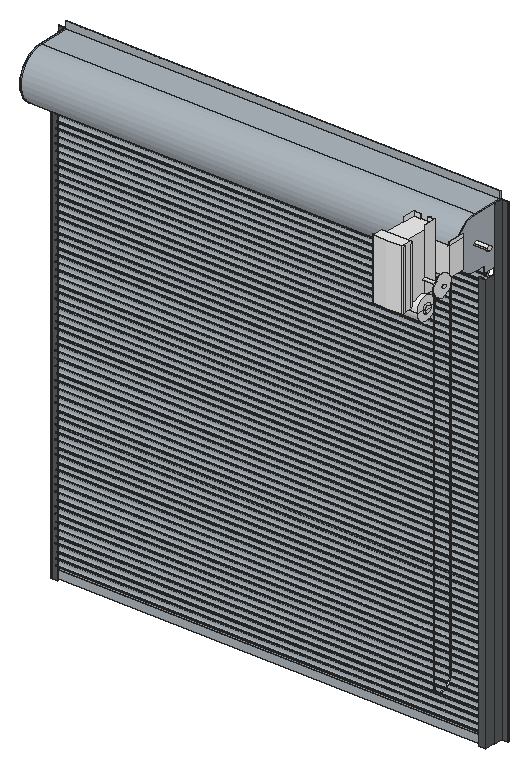
Revit family "Doors_Industrial_Wayne-Dalton_Rolling-Service-Doors-Model-900_", category Specialty Equipment, host Wall, Revit 2019
Family settings
  Host = Wall
  Round Connector Dimension = Use Diameter
  Part Type = Normal
  OmniClass Number = 23.30.10.21.34
  OmniClass Title = Industrial Doors
  Always vertical = Yes
  Cut with Voids When Loaded = Yes
  Shared = No
  Room Calculation Point = No
Parameters (values of type "115 volts, one phase, 60 Hz (110-120V range)")
  X Motor [instance] = if(or(Opening Height < 104", Opening Height = 104"), 14 1/2", if(or(Opening Height < 169", Opening Height = 169"), 16 1/2", 18 1/2"))  # 16 1/2"
  X ChainH [instance] = if(or(Opening Height < 104", Opening Height = 104"), 14 1/2", if(or(Opening Height < 169", Opening Height = 169"), 16 1/2", 18 1/2"))  # 16 1/2"
  Warning Sign [instance] = if(Calculated Area > 683.00 SF, 1 = 1, 1 = 2)  # no
  Warning (Note) [instance] = if(Warning Sign, "The Door Area is out of the limit; please adjust accordingly. The maximum allowed area is 683 sq. ft.", " ")  # " "
  Wall Thickness [instance] = 6"
  Voltage = 115 V
  True Opening Width [instance] = if(Between Jambs Mounting, Door Width True, Clear Width)  # 120"
  True Opening Height [instance] = if(Between Jambs Mounting, Clear Height + Headroom Height, Clear Height)  # 120"
  Slat Type [instance] = if(Slat Option < 2, "№2", if(Slat Option = 2, "№17", "№17 - Secur-Vent"))  # "№2"
  Slat Option [instance] = 1
  Slat Length [instance] = Clear Width + G Value * 2 - 1" / 2 * 2  # 123 5/8"
  Slat Height [instance] = if(Slat < 2, 13 77/256", 11 51/256")  # 13 77/256"
  Slat [instance] = if(Slat Option < 2, 1, if(Slat Option = 2, 2, if(Slat Option = 3, 3, 4)))  # 1
  Side Room Right [instance] = if(Between Jambs Mounting, 4 1/4", 8")  # 8"
  Side Room Left [instance] = if(Between Jambs Mounting, 4 1/4", 6")  # 6"
  Product Page URL = "https://www.wayne-dalton.com/rolling-service-door-900"
  Power Factor = 1
  Powder Coat (Note) = "Wayne Dalton also offers approximately 200 RAL powder coat options to complement the exterior colors of a building."  # constant formula
  Operator Visibility = yes
  Operation (Note) [instance] = "Door could operate by manual push, crank, electrical operator or chain hoist. Manual push up and crank could be used up to 80 sf, for larger door sizes you have to use Chain Hoist operator."  # constant formula
  Opening Width Real [instance] = if(Opening Width > Max Opening Width, Max Opening Width, if(Opening Width < Min Opening Width, Min Opening Width, Opening Width))  # 120"
  Opening Width [instance] = 120"
  Opening Height Real [instance] = if(Opening Height > Max Opening Height, Max Opening Height, if(Opening Height < Min Opening Height, Min Opening Height, Opening Height))  # 120"
  Opening Height [instance] = 120"
  One Array element [instance] = not(Array Vis)  # no
  Number of Poles = 1
  Motor Type [instance] = if(Between Jambs Mounting, "GSL Front of Hood", if(Motor Option < 2, "GSL Front of Hood", "GSL Wall Mount"))  # "GSL Front of Hood"
  Motor Selection (Note) [instance] = "Generic operator shown. Contact Wayne Dalton when dimensions are critical. "  # constant formula
  Motor Position [instance] = if(not(Chain Hoist or Manual), if(Motor Option Real = 1, G Value, 3 177/256"), if(Between Jambs Mounting, 1 87/128", 3 67/256" + 2 171/256"))  # 2 5/16"
  Motor Option Real [instance] = if(Between Jambs Mounting, 1, if(Motor Option < 2, 1, 3))  # 1
  Motor Option [instance] = 1
  Min Opening Width [instance] = if(Between Jambs Mounting, 18" + Side Room Right + Side Room Left, 18")  # 18"
  Min Opening Height [instance] = if(Between Jambs Mounting, 24" + Headroom Height, 24")  # 24"
  Max Opening Width [instance] = 168"  # constant formula
  Max Opening Height [instance] = 168"  # constant formula
  Material Finish [instance] = 900 : Standard - Gray
  M Value [instance] = G Value + 1/2"  # 2 13/16"
  Jambs Offset L [instance] = if(Between Jambs Mounting, Side Room Left, 0")  # 0"
  Jambs Offset R [instance] = if(Between Jambs Mounting, Side Room Right, 0")  # 0"
  Installation Real [instance] = if(Between Jambs Mounting, if((Wall Thickness / 2 - Guid Depth / 2) < 0", 0", Wall Thickness / 2 - Guid Depth / 2), Wall Thickness)  # 6"
  Hood Type [instance] = "Round Hood"  # constant formula
  Hood Offset [instance] = 2"  # constant formula
  Hood Material [instance] = Metal - Wayne Dalton - Gray
  Hood Height [instance] = if(Chain Hoist or Manual, Y ChainH - 2", Y Motor - 2")  # 14 1/2"
  Y Motor [instance] = if(or(Opening Height < 104", Opening Height = 104"), 14 1/2", if(or(Opening Height < 169", Opening Height = 169"), 16 1/2", 18 1/2"))  # 16 1/2"
  Y ChainH [instance] = if(or(Opening Height < 104", Opening Height = 104"), 14 1/2", if(or(Opening Height < 169", Opening Height = 169"), 16 1/2", 18 1/2"))  # 16 1/2"
  Headroom Height Lift [instance] = if(Chain Hoist or Manual, Y ChainH, Y Motor) + Hood Offset  # 18 1/2"
  Headroom Height [instance] = if(Between Jambs Mounting, Headroom Height Lift, Headroom Height Lift + 2")  # 20 1/2"
  Guide Type [instance] = if(Between Jambs Mounting, "Angled Between Jambs Z Guide", "Angled Z Guide")  # "Angled Z Guide"
  Guide Option [instance] = if(Between Jambs Mounting, 1, 2)  # 2
  Guid Depth [instance] = if(Between Jambs Mounting, D Value + 1/4", D Value)  # 5 1/2"
  G Value [instance] = 2 5/16"  # constant formula
  Frequency = 60 Hz
  Face of Wall Offset [instance] = if(Between Jambs Mounting, 0", 5")  # 5"
  Face Of Wall Mounting [instance] = not(Between Jambs Mounting)  # yes
  Door Width True [instance] = if(Between Jambs Mounting, Clear Width + Side Room Right + Side Room Left, Clear Width + M Value * 2)  # 125 5/8"
  Door Width (Real) [instance] = if(Between Jambs Mounting, Clear Width, Clear Width + 1" / 2)  # 120 1/2"
  Door Height True [instance] = Clear Width + Headroom Height  # 140 1/2"
  Door Height (Real) [instance] = Clear Height + Hood Offset  # 122"
  URL = "https://www.wayne-dalton.com/"
  Product data url = "https://www.bimobject.com/wayne-dalton/product/rolling-service-doors-model-900"
  Product Guid = "c1532cfe-896c-442b-af86-9616188973c4"
  Model = "900"  # constant formula
  Manufacturer = "Wayne Dalton"  # constant formula
  Wall Closure = By host
  Floor To (CL) of Shaft [instance] = Clear Height + Hood Offset + 2" + Hood Height / 2  # 131 1/4"
  Finish Material = Finish - Wayne Dalton - Black
  Description = "Model 900 Rolling Service Door"  # constant formula
  D Value Clearance [instance] = if(Between Jambs Mounting, D Value + 1/4", D Value)  # 5 1/2"
  D Value [instance] = 5 1/2"  # constant formula
  Clearance [instance] = no
  Clear Width [instance] = if(Between Jambs Mounting, Opening Width Real - Side Room Right - Side Room Left, Opening Width Real)  # 120"
  Clear Height [instance] = if(Between Jambs Mounting, Opening Height Real - Headroom Height, Opening Height Real)  # 120"
  Chain Hoist or Manual = no
  Current = 20 A
  Connector Array Distance = 0"  # constant formula
  Connector Array = if(Chain Hoist or Manual, 2, 3)  # 3
  Between Jambs Mounting [instance] = no
  Bar [instance] = if(Face Of Wall Mounting, 1 = 1, 1 = 2)  # yes
  Backroom Depth [instance] = if(Chain Hoist or Manual, X ChainH, X Motor)  # 16 1/2"
  BJ Opening Cut [instance] = if(Between Jambs Mounting, Headroom Height, 0")  # 0"
  Array Vis [instance] = if(Array < 2, 1 = 2, 1 = 1)  # yes
  Array Real [instance] = if(Array < 2, 2, Array)  # 9
  Array Length [instance] = (Array) * Slat Height  # 119 181/256"
  Array [instance] = rounddown(([Door Height (Real)] - 3") / Slat Height) + 1  # 9
  Calculated Area [instance] = [Door Width (Real)] * [Door Height (Real)]  # 102.09 SF
  Apparent Load Phase 3 = if(Number of Poles = 1, 0 VA, (Voltage * Current * sqrt(3)) / 3)  # 0 VA
  Apparent Load Phase 2 = if(Number of Poles = 1, 0 VA, (Voltage * Current * sqrt(3)) / 3)  # 0 VA
  Apparent Load Phase 1 = if(Number of Poles = 1, Voltage * Current, (Voltage * Current * sqrt(3)) / 3)  # 2300 VA
Reference planes (in)
  plane 1 "Center (Front/Back)": y = -14.625
  plane 2 "Center (Left/Right)": x = 0
  plane 3 "Left": x = -60
  plane 4 "Right": x = 60
  plane 5 "Exterior": y = -8.625
  plane 6 "Interior": y = -14.625
  plane 7: x = 68
  plane 8: x = -66
  plane 9: z = 120
  plane 10 "Main": y = -19.48437
  plane 11 "Backroom Depth": y = -31.125
  plane 12 "Main Door Block": y = -14.625
  plane 13 "Bottom Bar": z = 2.75
  plane 14: y = -20.125
  plane 15: z = 122.45703
  plane 16: z = 138.5
  plane 17: z = 122
  plane 18: z = 140.5
  plane 19: z = 0
  plane 20: z = 60
  plane 21: y = -19.25
  plane 22 "Double Main": y = -18.906
  plane 23 "Headroom Top": z = 140.5
  plane 24: z = 131.25
  plane 25: x = 62.3125
  plane 26: x = -62.3125
  plane 27: z = 109.15625
  plane 28: z = 124
  plane 29: x = 62.3125
  plane 30: x = -66
  plane 31: x = 68
  plane 32: z = 2.75
  plane 33: y = -19.25
  plane 34: z = 109.15625
  plane 35: y = -19.25
  plane 36: z = 16.05078
  plane 37: y = -19.25
  plane 38: z = 29.35156
  plane 39: y = -19.25
  plane 40: z = 42.65234
  plane 41: y = -19.25
  plane 42: z = 55.95313
  plane 43: y = -19.25
  plane 44: z = 69.25391
  plane 45: y = -19.25
  plane 46: z = 82.55469
  plane 47: y = -19.25
  plane 48: z = 95.85547
  plane 49: y = -19.25
Forms (in)
  Extrusion 1, void
    sketch origin (0, -14.625, 0) x (0, 0, -1) y (-1, 0, 0)
      loop
        line (-120, 60) -> (-120, -60) -> (0, -60) -> (0, 60) -> (-120, 60)
    from 0 to 6
  Extrusion 2, solid, material "Metal - Wayne Dalton - Gray" <- "Hood Material", visible <- "Bar"
    sketch origin (0, 0, 0) x (0, 1, 0) y (0, 0, 1)
      loop
        line (-14.875, 138.5) -> (-14.625, 138.5) -> (-14.625, 140.5) -> (-14.875, 140.5) -> (-14.875, 138.5)
    from -62.0625 to 62.0625
  Extrusion 3, solid, material "Clearance - Wayne Dalton - Red", visible <- "Clearance"
    sketch origin (0, 0, 0) x (1, 0, 0) y (0, 1, 0)
      loop
        line (68, -14.625) -> (60, -14.625) -> (60, -20.125) -> (68, -20.125) -> (68, -14.625)
      loop
        line (-60, -14.625) -> (-66, -14.625) -> (-66, -20.125) -> (-60, -20.125) -> (-60, -14.625)
    from 0 to 122
Lines and regions (in)
  symbolic lines, visible <- "Bar"
    curve 1: line (62.0625, -14.625, 0) -> (-62.0625, -14.625, 0)
    curve 2: line (-62.0625, -14.875, 0) -> (62.0625, -14.875, 0)
Text (in)
  text "Exterior" at (-74.96733, 27.31104, 0), in view "Ref. Level"
  text "Interior" at (-74.96733, -25.14366, 0), in view "Ref. Level"
  text "Exterior" at (0, 40.15149, 123.01588), in view "Right"
  text "Interior" at (0, -64.39139, 123.01588), in view "Right"
  text "Interior" at (0, -31.01599, 123.00693), in view "Left"
  text "Exterior" at (0, 54.57065, 123.00693), in view "Left"
Dimensions and locks (in)
  equal spacing: plane 3 "Left", plane 2 "Center (Left/Right)", plane 4 "Right"
  "Clear Width": plane 3 "Left" to plane 4 "Right"
  level to host wall = 459.59655"
  "Clear Height": level to plane 9
  plane 7 to plane 8 = 134"
  locked: plane 13 "Bottom Bar" to level at 2.75
  locked: plane 14 to plane 10 "Main" at 0.64063
  "Array Length": plane 15 to plane 13 "Bottom Bar"
  "Backroom Depth": plane 11 "Backroom Depth" to plane 12 "Main Door Block"
  locked: plane 18 to plane 16 at 2
  locked: Extrusion 2 sketch curve to Extrusion 2 sketch curve at 0.25
  "Installation Real": plane 1 "Center (Front/Back)" to plane 5 "Exterior"
  "Wall Thickness": host wall to host wall
  equal spacing: plane 9, plane 20, plane 19
  locked: plane 10 "Main" to plane 21 at 0.23437
  locked: plane 10 "Main" to plane 22 "Double Main" at 0.57837
  "BJ Opening Cut": Extrusion 1 sketch curve to plane 9
  locked: Extrusion 2 sketch curve to Extrusion 2 sketch curve at 2
  "Hood Offset": plane 17 to plane 9
  "Headroom Height": plane 23 "Headroom Top" to plane 9
  "Floor To (CL) of Shaft": plane 24 to level
  "Jambs Offset R": plane 4 "Right" to Extrusion 1 sketch curve
  "Jambs Offset L": Extrusion 1 sketch curve to plane 3 "Left"
  "G Value": plane 25 to plane 4 "Right"
  "G Value": plane 3 "Left" to plane 26
  "Guid Depth": plane 14 to plane 1 "Center (Front/Back)"
  "Slat Height": plane 15 to plane 27
  equal spacing: group 1, group 3, group 4, group 5, group 6, group 7, group 8, group 9, group 2  (x3)
  "Side Room Right": plane 4 "Right" to plane 7
  "Side Room Left": plane 8 to plane 3 "Left"
  locked: plane 25 to Extrusion 2 at 0.25
  locked: plane 26 to Extrusion 2 at 0.25
  locked: plane 28 to plane 17 at 2
  "Hood Height": plane 16 to plane 28
  "Motor Position": plane 4 "Right" to plane 29
  "Side Room Left": plane 30 to plane 3 "Left"
  "Side Room Right": plane 4 "Right" to plane 31
  "D Value Clearance": Extrusion 3 sketch curve to Extrusion 3 sketch curve
  aligned and locked: plane 5 "Exterior" to host wall
  aligned and locked: host wall to plane 6 "Interior"
  aligned and locked: level to Extrusion 1 sketch curve
  aligned and locked: Extrusion 1 to plane 5 "Exterior"
  aligned and locked: plane 6 "Interior" to Extrusion 1
  aligned and locked: plane 16 to nested 1
  aligned and locked: Extrusion 2 sketch curve to plane 18
  aligned and locked: plane 6 "Interior" to Extrusion 2 sketch curve
  aligned and locked: curve 1 to Extrusion 2  (x2)
  aligned and locked: curve 2 to Extrusion 2  (x2)
  aligned and locked: Extrusion 2 to curve 2
  aligned and locked: plane 5 "Exterior" to nested 1
  aligned and locked: level to plane 19
  aligned and locked: plane 2 "Center (Left/Right)" to nested 2
  aligned and locked: nested 3 to plane 2 "Center (Left/Right)"
  aligned and locked: nested 4 to plane 20
  aligned and locked: plane 2 "Center (Left/Right)" to nested 4
  aligned and locked: plane 13 "Bottom Bar" to nested 6
  aligned and locked: plane 21 to nested 6
  aligned and locked: nested 4 to plane 21
  aligned and locked: plane 19 to nested 13
  aligned and locked: nested 13 to plane 2 "Center (Left/Right)"
  aligned and locked: nested 13 to plane 1 "Center (Front/Back)"
  aligned and locked: nested 1 to plane 29
  aligned and locked: Extrusion 3 sketch curve to plane 1 "Center (Front/Back)"  (x2)
  aligned and locked: Extrusion 3 sketch curve to plane 31
  aligned and locked: Extrusion 3 sketch curve to plane 4 "Right"
  aligned and locked: Extrusion 3 sketch curve to plane 30
  aligned and locked: Extrusion 3 sketch curve to plane 3 "Left"
  aligned and locked: Extrusion 3 sketch curve to Extrusion 3 sketch curve
  aligned and locked: Extrusion 3 to level
  aligned and locked: plane 17 to Extrusion 3
  aligned and locked: plane 13 "Bottom Bar" to plane 32
  aligned and locked: plane 21 to plane 33
  aligned and locked: plane 27 to plane 34
  aligned and locked: plane 35 to plane 21
  aligned and locked: plane 12 "Main Door Block" to plane 1 "Center (Front/Back)"
Automatic sketch dimensions
  plane 25 to curve 1 = 1/4"
Nested families (in)
  nested 1: "Motor" at (55.433, -38.705, 120.18), visible <- "Operator Visibility", type "Trolley Motor"
    with Vertical Mount 18.32", Hood Width Real 16 1/2", Hood Width 16 1/2", Hood Height 14 1/2", Floor To Cl Shaft 131 1/4"
  nested 2: "Label Annotation 1" at (0, 18.375, 0), visible <- "Warning Sign", type "Label Annotation 1"
  nested 3: "Label Annotation 1" at (0, -41.625, 0) x (-1, 0, 0) z (0, 0, 1), visible <- "Warning Sign", type "Label Annotation 1"
  nested 4: "Warning Sign" at (0, -19.25, 60), visible <- "Warning Sign", type "Warning Sign"
    with Warning Sign no
  nested 5: "900" at (0, -19.25, 2.75), Slat Option <- "Slat Option", Opening Width <- "Slat Length", type <- "Material Finish", visible <- "Array Vis", type "Standard - Gray"
    with Void Offset 1", Void Height 3/4", Slat Width 1/2", Slat Position + Offset 13.895", Slat Position 13.3", Slat Option 1, Secure-Vent no, Profile #17 no, Perforation no, Opening Width 123 5/8", Integrated Cutout no, Fenestration no, Cutout Width Offset 1", Cutout Vertical Offset 0.595", #2 yes, # 17 no
  nested 6: "900" at (0, -19.25, 2.75), visible <- "One Array element", Slat Option <- "Slat Option", Opening Width <- "Slat Length", type <- "Material Finish", type "Standard - Gray"
    with Void Offset 1", Void Height 3/4", Slat Width 1/2", Slat Position + Offset 13.895", Slat Position 13.3", Slat Option 1, Secure-Vent no, Profile #17 no, Perforation no, Opening Width 123 5/8", Integrated Cutout no, Fenestration no, Cutout Width Offset 1", Cutout Vertical Offset 0.595", #2 yes, # 17 no
  nested 7: "900" at (0, -19.25, 109.15625), Slat Option <- "Slat Option", Opening Width <- "Slat Length", type <- "Material Finish", visible <- "Array Vis", type "Standard - Gray"
    with Void Offset 1", Void Height 3/4", Slat Width 1/2", Slat Position + Offset 13.895", Slat Position 13.3", Slat Option 1, Secure-Vent no, Profile #17 no, Perforation no, Opening Width 123 5/8", Integrated Cutout no, Fenestration no, Cutout Width Offset 1", Cutout Vertical Offset 0.595", #2 yes, # 17 no
  nested 8: "900" at (0, -19.25, 16.05078), Slat Option <- "Slat Option", Opening Width <- "Slat Length", type <- "Material Finish", visible <- "Array Vis", type "Standard - Gray"
    with Void Offset 1", Void Height 3/4", Slat Width 1/2", Slat Position + Offset 13.895", Slat Position 13.3", Slat Option 1, Secure-Vent no, Profile #17 no, Perforation no, Opening Width 123 5/8", Integrated Cutout no, Fenestration no, Cutout Width Offset 1", Cutout Vertical Offset 0.595", #2 yes, # 17 no
  nested 9: "900" at (0, -19.25, 29.35156), Slat Option <- "Slat Option", Opening Width <- "Slat Length", type <- "Material Finish", visible <- "Array Vis", type "Standard - Gray"
    with Void Offset 1", Void Height 3/4", Slat Width 1/2", Slat Position + Offset 13.895", Slat Position 13.3", Slat Option 1, Secure-Vent no, Profile #17 no, Perforation no, Opening Width 123 5/8", Integrated Cutout no, Fenestration no, Cutout Width Offset 1", Cutout Vertical Offset 0.595", #2 yes, # 17 no
  nested 10: "900" at (0, -19.25, 42.65234), Slat Option <- "Slat Option", Opening Width <- "Slat Length", type <- "Material Finish", visible <- "Array Vis", type "Standard - Gray"
    with Void Offset 1", Void Height 3/4", Slat Width 1/2", Slat Position + Offset 13.895", Slat Position 13.3", Slat Option 1, Secure-Vent no, Profile #17 no, Perforation no, Opening Width 123 5/8", Integrated Cutout no, Fenestration no, Cutout Width Offset 1", Cutout Vertical Offset 0.595", #2 yes, # 17 no
  nested 11: "900" at (0, -19.25, 55.95312), Slat Option <- "Slat Option", Opening Width <- "Slat Length", type <- "Material Finish", visible <- "Array Vis", type "Standard - Gray"
    with Void Offset 1", Void Height 3/4", Slat Width 1/2", Slat Position + Offset 13.895", Slat Position 13.3", Slat Option 1, Secure-Vent no, Profile #17 no, Perforation no, Opening Width 123 5/8", Integrated Cutout no, Fenestration no, Cutout Width Offset 1", Cutout Vertical Offset 0.595", #2 yes, # 17 no
  nested 12: "900" at (0, -19.25, 69.25391), Slat Option <- "Slat Option", Opening Width <- "Slat Length", type <- "Material Finish", visible <- "Array Vis", type "Standard - Gray"
    with Void Offset 1", Void Height 3/4", Slat Width 1/2", Slat Position + Offset 13.895", Slat Position 13.3", Slat Option 1, Secure-Vent no, Profile #17 no, Perforation no, Opening Width 123 5/8", Integrated Cutout no, Fenestration no, Cutout Width Offset 1", Cutout Vertical Offset 0.595", #2 yes, # 17 no
  nested 13: "Lifts" at (0, -14.625, 0) x (-1, 0, 0) z (0, 0, 1), type "Frame Unit"
    with Round Hood yes, No Hood no, Side Clearance R 8", Side Clearance L 6", M Value 2 13/16", Hood Height 16 1/2", Headroom Height Real 18 1/2", Half Hood Height 16 1/2", Guide Z Wide R 2 1/16", Guide Z Wide L 2 1/16", Guide Offset R 2 5/16", Guide Offset L 2 5/16", G Value 2 5/16", Shaft Offset 7 1/4", Shaft Length 2 6 5/16", Shaft Length 1 6 5/16", Radius Hood 7 1/4", Headroom Height 18 1/2", Header Width 16 1/2", Floor To (CL) of Shaft 131 1/4"
  nested 14: "900" at (0, -19.25, 82.55469), Slat Option <- "Slat Option", Opening Width <- "Slat Length", type <- "Material Finish", visible <- "Array Vis", type "Standard - Gray"
    with Void Offset 1", Void Height 3/4", Slat Width 1/2", Slat Position + Offset 13.895", Slat Position 13.3", Slat Option 1, Secure-Vent no, Profile #17 no, Perforation no, Opening Width 123 5/8", Integrated Cutout no, Fenestration no, Cutout Width Offset 1", Cutout Vertical Offset 0.595", #2 yes, # 17 no
  nested 15: "900" at (0, -19.25, 95.85547), Slat Option <- "Slat Option", Opening Width <- "Slat Length", type <- "Material Finish", visible <- "Array Vis", type "Standard - Gray"
    with Void Offset 1", Void Height 3/4", Slat Width 1/2", Slat Position + Offset 13.895", Slat Position 13.3", Slat Option 1, Secure-Vent no, Profile #17 no, Perforation no, Opening Width 123 5/8", Integrated Cutout no, Fenestration no, Cutout Width Offset 1", Cutout Vertical Offset 0.595", #2 yes, # 17 no
Connectors (in)
  electrical at (58.421, -38.51377, 130.7498), driven by "Apparent Load Phase 1", driven by "Power Factor", driven by "Voltage", driven by "Apparent Load Phase 2", driven by "Apparent Load Phase 3", driven by "Number of Poles"
    settings: on nested 1, index 1, voltage 115 V, apparent load 0 VA, apparent load phase1 2300 VA, apparent load phase2 0 VA, apparent load phase3 0 VA, power factor 1, load classification "Other", number of poles 1, system type 31, power factor state 1, is connector primary yes, connector utility no, sub classification motor no, connector description "Electrical Connector"
Definition of nested family "Motor"
  Parameters (values of type "Trolley Motor")
    Wall Mount RSX = if(Chain Hoist, 1 = 2, if(Motor Option = 3, 1 = 1, 1 = 2))  # no
    Top Mount RSX = if(Chain Hoist, 1 = 2, if(Motor Option = 2, 1 = 1, 1 = 2))  # no
    Shaft Material = none
    Real Exterior Wall Offset = if(Wall Mount RSX, Displacement, Exterior Wall Offset + if(and(BJ, Bench Mount RSX, Hood Width < 19 1/2"), 2.6", 0"))  # 6"
    Not Chain Hoist = not(Chain Hoist)  # yes
    Not Bench + Top = not(or(Top Mount RSX, Chain Hoist, Bench Mount RSX))  # yes
    Horizontal Mount = if(Face Mount RSX, 5.08" + 0.12" + 2.38", if(Top Mount RSX, 11.19", if(Wall Mount RSX, 5.08", if(Bench Mount RSX, 4.77" + if(or(Hood Width < 14", Hood Width = 14"), 6.13", if(or(Hood Width < 16", Hood Width = 16"), 4.13", 3 1/4")), 0"))))  # 7.58"
    Not Fire King = if(Chain Hoist, 1 = 2, not(Chain Hoist))  # yes
    Vertical Mount = if(Face Mount RSX, 11.07" + Hood Height / 2, if(Top Mount RSX, 14.92" - 0.13" - 2.38", if(Wall Mount RSX, 20.03" + 6" + Hood Height / 2, if(Bench Mount RSX, 20" + 2.29" + Hood Height / 2, Hood Height))))  # 21.07"
    Motor Type = if(Motor Option < 2, "RSX FDO Face Mount", if(Motor Option = 2, "RSX FDO Top Mount", if(Motor Option = 3, "RSX Wall Mount", if(Motor Option = 4, "RSX Bench Mount", "Chain Hoist"))))  # "RSX FDO Face Mount"
    Motor Option = 1
    Main Material = none
    Hood Width Real = if(Wall Mount RSX, 0", if(Chain Hoist, if(Hood Height < Hood Width, (Hood Width + (Hood Width - Hood Height)) / 2, Hood Width / 2), Hood Width))  # 22"
    Hood Width = 22"
    Hood Height = 20"
    Hood Mount = if(or(Face Mount RSX, Top Mount RSX), 0.37", if(Wall Mount RSX, if(BJ, 12.24" + BJ Displacement, 14.74"), if(Bench Mount RSX, 14.49", 4.26")))  # 0.37"
    Floor To Cl Shaft = 134"
    Fire King RHX = 1 = 2  # no
    Top Option Offset = if(or(Top Mount RSX, Bench Mount RSX), 20", 0")  # 0"
    Face+Top = if(Chain Hoist, 1 = 2, if(or(Face Mount RSX, Top Mount RSX), 1 = 1, 1 = 2))  # yes
    Face Mount RSX = if(Chain Hoist, 1 = 2, if(Motor Option < 2, 1 = 1, 1 = 2))  # yes
    Top + Bench = if(Chain Hoist, 1 = 2, if(or(Top Mount RSX, Bench Mount RSX), 1 = 1, 1 = 2))  # no
    Face + Top + Bench = if(Chain Hoist, 1 = 2, if(or(Face Mount RSX, Top Mount RSX, Bench Mount RSX), 1 = 1, 1 = 2))  # yes
    Exterior Wall Offset = 6"
    Displacement = 6"
    Default Elevation = 48"
    Chain V Offset = if(or(Face Mount RSX, Wall Mount RSX), 6.53", if(or(Top Mount RSX, Bench Mount RSX), 18.81", Hood Height / 2))  # 6.53"
    Chain H Offset = if(or(Face Mount RSX, Wall Mount RSX), 1.19", if(or(Top Mount RSX, Bench Mount RSX), 6.53", 0"))  # 1.19"
    Chain Hoist = no
    Bench Mount RSX = if(Chain Hoist, 1 = 2, if(Motor Option > 3, 1 = 1, 1 = 2))  # no
    BJ Displacement = 3"
    BJ = no
    Angle = if(or(Bench Mount RSX, Top Mount RSX), 90.00°, 180.00°)  # 180.00°
  Reference planes (in)
    plane 1 "Center (Front/Back)": y = 0
    plane 2: z = 0
    plane 3 "Center (Left/Right)": x = 0
    plane 4: y = 0
    plane 5: y = 1.19
    plane 6: z = -127.47
    plane 7: z = -97.47
    plane 8: z = 6.53
    plane 9 "Chain Hoist": z = 6.53
    plane 10 "Top Of Hood": z = 21.07
    plane 11: y = 7.58
    plane 12: z = 0
    plane 13 "Hood Face": x = 6.8795
    plane 14: x = 7.2495
    plane 15: y = 29.58
    plane 16 "Wall": y = 35.58
  Forms (in)
    Extrusion 1, solid, material <- "Main Material", visible <- "Not Chain Hoist"
      sketch origin (0, 0, 18.8898) x (1, 0, 0) y (0, 1, 0)
        loop
          line (-4.134, -4.81907) -> (4.116, -4.81907) -> (4.116, -4.69947) -> (3.108, -4.69947)
          arc (3.108, -4.69947) -> (3.02315, -4.66432) -> (2.988, -4.57947) r 0.12
          line (2.988, -4.57947) -> (2.988, 4.96193) -> (-2.988, 4.96193) -> (-2.988, -4.57947)
          arc (-2.988, -4.57947) -> (-3.02315, -4.66432) -> (-3.108, -4.69947) r 0.12
          line (-3.108, -4.69947) -> (-4.134, -4.69947) -> (-4.134, -4.81907)
      from -16.64 to 0
    Extrusion 2, solid, material <- "Main Material", visible <- "Not Chain Hoist"
      sketch origin (0, -2.406, 18.8898) x (1, 0, 0) y (0, 1, 0)
        loop
          line (-4.134, -2.41307) -> (-4.134, -5.05565) -> (-4.3324, -5.05565) -> (-4.3324, -5.3122)
          arc (-4.3324, -5.3122) -> (-4.24466, -5.55085) -> (-4.02324, -5.67585) r 0.36846
          arc (-4.02324, -5.67585) -> (0, -6.0017) -> (4.02324, -5.67585) r 25
          arc (4.02324, -5.67585) -> (4.24466, -5.55085) -> (4.3324, -5.3122) r 0.36846
          line (4.3324, -5.3122) -> (4.3324, -5.05565) -> (4.116, -5.05565) -> (4.116, -2.41307) -> (-4.134, -2.41307)
      from -17 to 0.35839
    Revolve 3, solid, material <- "Main Material", visible <- "Not Fire King"
      sketch origin (2.0828, 5.66524, 0) x (0, -1, 0) y (1, 0, 0)
        loop
          line (5.66524, -9.0813) -> (5.66524, 3.1162) -> (4.82413, 3.1162) -> (4.82413, 2.7162) -> (4.39283, 2.7162) -> (4.39283, 2.4872) -> (2.50257, 2.4872) -> (2.50257, -6.6585) -> (3.79863, -6.6585) -> (3.79863, -7.51105) -> (3.89778, -7.6102) -> (5.36033, -7.6102) -> (5.36033, -7.8313) -> (4.69783, -7.8313) -> (4.69783, -9.0813) -> (5.66524, -9.0813)
        axis (5.66524, -9.0813) -> (5.66524, 3.1162)
      angle from 0 to 360
    Extrusion 4, solid, material <- "Main Material", visible <- "Wall Mount RSX"
      sketch origin (0, 0, 18.8898) x (1, 0, 0) y (0, 1, 0)
        loop
          line (-2.988, 5.08193) -> (-4.988, 5.08193) -> (-4.988, 4.96193) -> (-3.108, 4.96193) -> (-3.108, 1.46193) -> (-2.988, 1.46193) -> (-2.988, 5.08193)
        loop
          line (2.988, 5.08193) -> (2.988, 1.46193) -> (3.108, 1.46193) -> (3.108, 4.96193) -> (4.988, 4.96193) -> (4.988, 5.08193) -> (2.988, 5.08193)
      from -16.64 to 1.14
    Extrusion 5, solid, material <- "Main Material"
      sketch origin (0, 0.00141, 3.59957) x (0, 0, 1) y (0, -1, 0)
        loop
          circle (2.93043, -1.18859) r 3
      from 8.2495 to 7.98
    Sweep 6, solid, material <- "Main Material"
      path origin (8.11913, 9.53, 48) x (0, 1, 0) y (0, 0, 1)
        loop
          line (-11.34, -41.47) -> (-11.34, -145.47)
          arc (-11.34, -145.47) -> (-8.34, -148.47) -> (-5.34, -145.47) r 3
          line (-5.34, -145.47) -> (-5.34, -41.47)
      profile origin (8.11912, -1.81, -45.47) x (1, 0, 0) y (0, 1, 0)
        loop
          circle (0, 0.1) r 0.1
    Extrusion 7, solid, material <- "Main Material"
      sketch origin (0, 0.00141, 3.59957) x (0, 0, 1) y (0, -1, 0)
        loop
          circle (2.93043, -1.18859) r 0.4
      from 8.82 to 0
    Extrusion 8, solid, material <- "Main Material", visible <- "Face+Top"
      sketch origin (0, 0, 18.8898) x (1, 0, 0) y (0, 1, 0)
        loop
          line (7.2495, 5.08193) -> (7.2495, 9.82193) -> (7.1295, 9.82193) -> (7.1295, 5.20193) -> (-2.988, 5.20193) -> (-2.988, 5.08193) -> (7.2495, 5.08193)
      from -12.32 to -4.32
    Extrusion 9, solid, material <- "Main Material", visible <- "Face + Top + Bench"
      sketch origin (0.25, 0, 18.8898) x (1, 0, 0) y (0, 1, 0)
        loop
          line (-3.358, 5.08193) -> (-3.358, 1.46193) -> (-3.238, 1.46193) -> (-3.238, 4.96193) -> (-1.238, 4.96193) -> (-1.238, 5.08193) -> (-3.358, 5.08193)
        loop
          line (2.858, 5.08193) -> (0.738, 5.08193) -> (0.738, 4.96193) -> (2.738, 4.96193) -> (2.738, 1.46193) -> (2.858, 1.46193) -> (2.858, 5.08193)
      from -16.64 to 1.14
    Extrusion 10, solid, material <- "Main Material", visible <- "Face+Top"
      sketch origin (0, 0, 0) x (0, 0, 1) y (0, -1, 0)
        loop
          line (15.5698, -5.33193) -> (6.5698, -5.33193) -> (6.5698, -9.82193) -> (15.5698, -9.82193) -> (15.5698, -5.33193)
      from 6.8795 to 7.1295
    Extrusion 11, solid, material <- "Main Material", visible <- "Bench Mount RSX"
      sketch origin (0, 0, 18.8898) x (1, 0, 0) y (0, 1, 0)
        loop
          line (-6.9985, 5.08193) -> (3.108, 5.08193) -> (3.108, 5.20193) -> (-7.1205, 5.20193) -> (-7.1205, 1.33693) -> (-6.9985, 1.33693) -> (-6.9985, 5.08193)
      from -10.78 to -1.46
    Extrusion 12, solid, material <- "Main Material", visible <- "Bench Mount RSX"
      sketch origin (0, 0, 0) x (0, 0, 1) y (0, -1, 0)
        loop
          line (8.2698, -1.46193) -> (8.2698, -4.96193) -> (17.2698, -4.96193) -> (17.2698, -1.46193) -> (8.2698, -1.46193)
      from -7.24 to -7.1205
  Lines and regions (in)
    reference lines
      curve 1: line (0, 0, 0) -> (0, 0, 18.8898)
  Dimensions and locks (in)
    Extrusion 4 sketch curve to Extrusion 4 sketch curve = 3.62"
    locked: Extrusion 4 sketch curve to Extrusion 4 sketch curve at 0.12  (x3)
    "Chain H Offset": plane 4 to plane 5
    locked: plane 7 to plane 6 at 30
    locked: Sweep 6 sketch curve to profile plane at 0
    locked: profile plane to Sweep 6 sketch curve at 0.1
    locked: Sweep 6 sketch curve to Sweep 6 sketch curve at 6
    "Floor To Cl Shaft": plane 8 to plane 6
    "Horizontal Mount": plane 1 "Center (Front/Back)" to plane 11
    Extrusion 9 sketch curve to Extrusion 9 sketch curve = 3.62"
    locked: Extrusion 9 sketch curve to Extrusion 9 sketch curve at 0.12  (x3)
    "Top Option Offset": level to plane 12
    "Chain V Offset": plane 9 "Chain Hoist" to plane 12
    equal spacing: Sweep 6 sketch curve, plane 5, Sweep 6 sketch curve
    "Vertical Mount": plane 10 "Top Of Hood" to plane 12
    locked: Extrusion 2 sketch curve to Extrusion 2 sketch curve at 8.25
    locked: Extrusion 2 sketch curve to Extrusion 2 sketch curve at 2.64258
    locked: plane 3 "Center (Left/Right)" to plane 14 at 7.2495
    "Hood Mount": plane 13 "Hood Face" to plane 14
    locked: Extrusion 8 sketch curve to Extrusion 8 sketch curve at 0.12  (x2)
    locked: Extrusion 8 sketch curve to curve 1 at 5.08193
    "Hood Width Real": plane 11 to plane 15
    "Real Exterior Wall Offset": plane 15 to plane 16 "Wall"
    locked: Extrusion 8 sketch curve to Extrusion 8 sketch curve at 4.62
    Revolve 3 sketch curve to Revolve 3 sketch curve to Revolve 3 sketch curve to Revolve 3 sketch curve to Revolve 3 sketch curve to Revolve 3 sketch curve to Revolve 3 sketch curve = 1 1/4" locked, 0.2211" locked, 0.9517" locked, 9.1457" locked, 0.229" locked, 0.4" locked
    Revolve 3 sketch curve to Revolve 3 sketch curve to Revolve 3 sketch curve to Revolve 3 sketch curve to Revolve 3 sketch curve to Revolve 3 sketch curve to Revolve 3 sketch curve to Revolve 3 sketch curve = 0.30491" locked, 0.53619" locked, 0.12631" locked, 0.305" locked, 0.49505" locked, 0.09915" locked, 1.29606" locked
    locked: Extrusion 1 sketch curve to Extrusion 1 sketch curve at 0.1196
    locked: Extrusion 1 sketch curve to Extrusion 1 sketch curve at 5.976
    equal spacing: Extrusion 1 sketch curve, curve 1, Extrusion 1 sketch curve
    locked: curve 1 to Extrusion 1 sketch curve at 4.81907
    locked: Extrusion 1 sketch curve to Extrusion 1 sketch curve at 9.781
    locked: Extrusion 9 sketch curve to curve 1 at 1.46193
    equal spacing: Extrusion 4 sketch curve, curve 1, Extrusion 4 sketch curve
    locked: Extrusion 4 sketch curve to curve 1 at 1.46193
    locked: Extrusion 10 sketch curve to Extrusion 10 sketch curve at 4.49
    locked: Extrusion 10 sketch curve to Extrusion 10 sketch curve at 9
    locked: Extrusion 10 sketch curve to curve 1 at 9.82193
    locked: Extrusion 10 sketch curve to curve 1 at 6.5698
    locked: Revolve 3 sketch curve to plane 3 "Center (Left/Right)" at 4.5757
    locked: Extrusion 4 sketch curve to Extrusion 4 sketch curve at 5.976
    locked: Extrusion 9 sketch curve to plane 3 "Center (Left/Right)" at 2.988
    locked: plane 3 "Center (Left/Right)" to Extrusion 9 sketch curve at 3.108
    locked: Extrusion 4 sketch curve to Extrusion 4 sketch curve at 2
    locked: Extrusion 4 sketch curve to Extrusion 4 sketch curve at 1.88
    locked: Extrusion 8 sketch curve to Extrusion 8 sketch curve at 10.2375
    locked: curve 1 to Extrusion 8 sketch curve at 7.2495
    locked: Extrusion 1 sketch curve to Extrusion 1 sketch curve at 1.128
    locked: Extrusion 1 sketch curve to Extrusion 1 sketch curve at 1.146
    locked: curve 1 to Extrusion 2 sketch curve at 4.81907
    locked: Extrusion 11 sketch curve to Extrusion 11 sketch curve at 0.122
    locked: Extrusion 11 sketch curve to Extrusion 11 sketch curve at 0.12
    locked: Extrusion 11 sketch curve to curve 1 at 6.9985
    locked: Extrusion 11 sketch curve to curve 1 at 5.08193
    locked: Extrusion 11 sketch curve to Extrusion 11 sketch curve at 10.1065
    locked: Extrusion 11 sketch curve to Extrusion 11 sketch curve at 3.865
    locked: Extrusion 12 sketch curve to Extrusion 12 sketch curve at 3.5
    locked: curve 1 to Extrusion 12 sketch curve at 1.46193
    locked: Extrusion 12 sketch curve to Extrusion 12 sketch curve at 9
    locked: Extrusion 12 sketch curve to curve 1 at 10.62
    radius of Extrusion 5 sketch curve = 3"
    radius of Sweep 6 sketch curve = 3"
    radius of Sweep 6 sketch curve = 0.1"
    radius of Extrusion 7 sketch curve = 0.4"
    radius of Extrusion 2 sketch curve = 0.36846"  (x2)
    radius of Extrusion 1 sketch curve = 0.12"  (x2)
    radius of Extrusion 2 sketch curve = 25"
    "Angle": angle curve 1 to plane 1 "Center (Front/Back)"
    angle Extrusion 2 sketch curve to Extrusion 2 sketch curve = 90.00°
    locked: Extrusion 2 sketch curve to Extrusion 2 sketch curve (angle 90.00°)
    aligned and locked: plane 2 to level
    aligned and locked: Revolve 3 sketch curve to Revolve 3 sketch curve
    aligned and locked: plane 1 "Center (Front/Back)" to curve 1
    aligned and locked: level to curve 1
    aligned and locked: plane 1 "Center (Front/Back)" to plane 4
    aligned and locked: Extrusion 4 sketch curve to Extrusion 4 sketch curve  (x3)
    aligned and locked: plane 7 to Sweep 6 sketch curve  (x2)
    aligned and locked: plane 8 to Sweep 6 sketch curve  (x2)
    aligned and locked: plane 5 to Extrusion 5 sketch curve
    aligned and locked: plane 9 "Chain Hoist" to Extrusion 5 sketch curve
    aligned and locked: plane 5 to Extrusion 7 sketch curve
    aligned and locked: plane 9 "Chain Hoist" to Extrusion 7 sketch curve
    aligned and locked: plane 8 to plane 9 "Chain Hoist"
    aligned and locked: Extrusion 9 sketch curve to Extrusion 9 sketch curve  (x3)
    aligned and locked: Extrusion 2 sketch curve to Extrusion 2 sketch curve
    aligned and locked: Extrusion 1 sketch curve to Extrusion 1 sketch curve
    aligned and locked: plane 4 to nested 1
    aligned and locked: plane 3 "Center (Left/Right)" to nested 1
  Automatic sketch dimensions
    plane 1 "Center (Front/Back)" to Revolve 3 sketch curve = 0"
    Revolve 3 sketch curve to Revolve 3 sketch curve = 0.09915"
    Revolve 3 sketch curve to Revolve 3 sketch curve = 4.7892"
    Revolve 3 sketch curve to plane 14 = 1.9628"
    Extrusion 9 sketch curve to plane 3 "Center (Left/Right)" = 0.988"
    plane 3 "Center (Left/Right)" to Extrusion 9 sketch curve = 0.988"
    Extrusion 2 sketch curve to plane 3 "Center (Left/Right)" = 0"
    Extrusion 2 sketch curve to Extrusion 2 sketch curve = 0.1984"
    Extrusion 2 sketch curve to Extrusion 2 sketch curve = 0.15206"
    Extrusion 2 sketch curve to Extrusion 2 sketch curve = 0.25654"
    Extrusion 2 sketch curve to Extrusion 2 sketch curve = 0"  (x2)
    Extrusion 2 sketch curve to Extrusion 2 sketch curve = 0.0593"
  Nested families (in)
    nested 1: "2D_NotScalableMain_29e791da-3db9-4234-ab15-44456784202b" at (0, 0, 0), type "Default"
      with Wall Mount no, Face Mount yes
  Definition of nested family "2D_NotScalableMain_29e791da-3db9-4234-ab15-44456784202b"
    Parameters (values of type "Default")
      Wall Mount = yes
      Top Mount = no
      Not Top + Bench = yes
      Fire King Face Mount = no
      Face Mount = no
      Top + Bench = no
      Chain Hoist = no
      Bench Mount = no
    Reference planes (in)
      plane 1 "Center (Front/Back)": y = 0
      plane 2: z = 0
      plane 3 "Center (Left/Right)": x = 0
    Lines and regions (in)
      Masking region 1, in view "Ref. Level", visible <- "Not Top + Bench"
        outline origin (0, 0, 0) x (1, 0, 0) y (0, 1, 0)
          loop
            line (-6.9985, -0.96741) -> (-5.7485, -0.96741) -> (-5.7485, -0.30491) -> (-5.5274, -0.30491) -> (-5.5274, -1.76746) -> (-5.42825, -1.86661) -> (-4.5757, -1.86661) -> (-4.5757, -3.22517) -> (-4.134, -3.22517) -> (-4.134, -7.46165) -> (-4.3324, -7.46165) -> (-4.3324, -7.7182)
            arc (-4.3324, -7.7182) -> (-4.24466, -7.95685) -> (-4.02324, -8.08185) r 0.36846
            arc (-4.02324, -8.08185) -> (0, -8.4077) -> (4.02324, -8.08185) r 25
            arc (4.02324, -8.08185) -> (4.24466, -7.95685) -> (4.3324, -7.7182) r 0.36846
            line (4.3324, -7.7182) -> (4.3324, -7.46165) -> (4.116, -7.46165) -> (4.116, -3.22517) -> (4.57, -3.22517) -> (4.57, -1.27241) -> (4.799, -1.27241) -> (4.799, -0.84111) -> (5.199, -0.84111) -> (5.199, 0.79) -> (7.979, 0.79) -> (7.979, -1.81) -> (8.2495, -1.81) -> (8.2495, 0.79) -> (8.82, 0.79) -> (8.82, 1.59) -> (8.2495, 1.59) -> (8.2495, 4.19) -> (7.979, 4.19) -> (7.979, 1.59) -> (4.57, 1.59) -> (4.57, 3.22517) -> (2.988, 3.22517) -> (2.988, 4.96193) -> (-2.988, 4.96193) -> (-2.988, 3.22517) -> (-4.5757, 3.22517) -> (-4.5757, 1.86661) -> (-5.42825, 1.86661) -> (-5.5274, 1.76746) -> (-5.5274, 0.30491) -> (-5.7485, 0.30491) -> (-5.7485, 0.96741) -> (-6.9985, 0.96741) -> (-6.9985, -0.96741)
      Masking region 2, in view "Ref. Level", visible <- "Fire King Face Mount"
        outline origin (0, 0, 0) x (1, 0, 0) y (0, 1, 0)
          loop
            circle (0, 1.59) r 2.87397
          loop
            line (-2.988, 7.80693) -> (-2.988, 4.96193) -> (2.988, 4.96193) -> (2.988, 7.80693) -> (0.82, 7.80693) -> (0.82, 16.89193) -> (0.57, 16.89193) -> (0.57, 7.80693) -> (-2.988, 7.80693)
      Masking region 3, in view "Ref. Level", visible <- "Face Mount"
        outline origin (0, 0, 0) x (1, 0, 0) y (0, 1, 0)
          loop
            line (-3.108, 1.46193) -> (-2.988, 1.46193) -> (-2.988, 4.96193) -> (2.988, 4.96193) -> (2.988, 1.46193) -> (3.108, 1.46193) -> (3.108, 5.08193) -> (7.2495, 5.08193) -> (7.2495, 9.82193) -> (6.8795, 9.82193) -> (6.8795, 5.33193) -> (7.1295, 5.33193) -> (7.1295, 5.20193) -> (-2.988, 5.20193) -> (-2.988, 5.08193) -> (-3.108, 5.08193) -> (-3.108, 1.46193)
      Masking region 4, in view "Ref. Level", visible <- "Top + Bench"
        outline origin (0, 0, 0) x (1, 0, 0) y (0, 1, 0)
          loop
            line (-6.9985, -0.96741) -> (-5.7485, -0.96741) -> (-5.7485, -0.30491) -> (-5.5274, -0.30491) -> (-5.5274, -1.76746) -> (-5.42825, -1.86661) -> (-4.5757, -1.86661) -> (-4.5757, -3.22517) -> (4.57, -3.22517) -> (4.57, -1.27241) -> (4.799, -1.27241) -> (4.799, -0.84111) -> (5.199, -0.84111) -> (5.199, 0.84111) -> (4.799, 0.84111) -> (4.799, 1.27241) -> (4.57, 1.27241) -> (4.57, 3.22034) -> (4.3324, 3.22034) -> (4.3324, 6.13) -> (7.2495, 6.13) -> (7.2495, 3.53) -> (7.52, 3.53) -> (7.52, 6.13) -> (8.82, 6.13) -> (8.82, 6.93) -> (7.52, 6.93) -> (7.52, 9.53) -> (7.2495, 9.53) -> (7.2495, 6.93) -> (4.3324, 6.93) -> (4.3324, 19.24819) -> (3.108, 19.24819) -> (3.108, 20.0298) -> (0.988, 20.0298) -> (0.988, 19.24819) -> (-0.988, 19.24819) -> (-0.988, 20.0298) -> (-3.108, 20.0298) -> (-3.108, 19.24819) -> (-4.3324, 19.24819) -> (-4.3324, 3.22517) -> (-4.5757, 3.22517) -> (-4.5757, 1.86661) -> (-5.42825, 1.86661) -> (-5.5274, 1.76746) -> (-5.5274, 0.30491) -> (-5.7485, 0.30491) -> (-5.7485, 0.96741) -> (-6.9985, 0.96741) -> (-6.9985, -0.96741)
      Masking region 5, in view "Ref. Level", visible <- "Top Mount"
        outline origin (0, 0, 0) x (1, 0, 0) y (0, 1, 0)
          loop
            line (4.3324, 14.55771) -> (4.3324, 6.93) -> (7.2495, 6.93) -> (7.2495, 14.55771) -> (7.1295, 14.55771) -> (7.1295, 15.55771) -> (6.8795, 15.55771) -> (6.8795, 14.55771) -> (4.3324, 14.55771)
      Masking region 6, in view "Ref. Level", visible <- "Wall Mount"
        outline origin (0, 0, 0) x (1, 0, 0) y (0, 1, 0)
          loop
            line (-4.988, 4.96193) -> (-3.108, 4.96193) -> (-3.108, 1.46193) -> (-2.988, 1.46193) -> (-2.988, 5.08193) -> (-4.988, 5.08193) -> (-4.988, 4.96193)
          loop
            line (2.988, 1.46193) -> (3.108, 1.46193) -> (3.108, 4.96193) -> (4.988, 4.96193) -> (4.988, 5.08193) -> (2.988, 5.08193) -> (2.988, 1.46193)
      Masking region 7, in view "Ref. Level", visible <- "Bench Mount"
        outline origin (0, 0, 0) x (1, 0, 0) y (0, 1, 0)
          loop
            line (-7.24, 9.2698) -> (-7.1205, 9.2698) -> (-7.1205, 9.1098) -> (-4.3324, 9.1098) -> (-4.3324, 17.4298) -> (-7.1205, 17.4298) -> (-7.1205, 17.2698) -> (-7.24, 17.2698) -> (-7.24, 9.2698)
      Masking region 8, in view "Ref. Level", visible <- "Chain Hoist"
        outline origin (0, -6.98957, 0) x (1, 0, 0) y (0, 1, 0)
          loop
            line (4.7396, 6.58957) -> (7.979, 6.58957) -> (7.979, 3.98957) -> (8.2495, 3.98957) -> (8.2495, 6.58957) -> (8.82, 6.58957) -> (8.82, 7.38957) -> (8.2495, 7.38957) -> (8.2495, 9.98957) -> (7.979, 9.98957) -> (7.979, 7.38957) -> (4.7396, 7.38957) -> (4.7396, 6.58957)
      reference lines, in view "Ref. Level"
        curve 1: line (0, 0, 0) -> (0, 0.125, 0)
        curve 2: line (0, 0, 0) -> (0.125, 0, 0)
      detail lines, in view "Ref. Level", visible <- "Not Top + Bench"
        curve 3: line (8.2495, 4.19, 0) -> (8.2495, -1.81, 0)
        curve 4: line (7.979, 4.19, 0) -> (7.979, -1.81, 0)
        curve 5: line (-4.134, -3.22517, 0) -> (-4.134, -5.05565, 0)
        curve 6: line (4.116, -4.69947, 0) -> (4.116, -5.05565, 0)
        curve 7: line (-4.134, -4.81907, 0) -> (4.116, -4.81907, 0)
        curve 8: line (4.116, -4.69947, 0) -> (3.108, -4.69947, 0)
        curve 9: line (2.988, -4.57947, 0) -> (2.988, 4.96193, 0)
        curve 10: line (2.988, 4.96193, 0) -> (-2.988, 4.96193, 0)
        curve 11: line (-2.988, 4.96193, 0) -> (-2.988, -4.57947, 0)
        curve 12: arc (-2.988, -4.57947, 0) -> (-3.02315, -4.66432, 0) -> (-3.108, -4.69947, 0) r 0.12
        curve 13: arc (3.108, -4.69947, 0) -> (3.02315, -4.66432, 0) -> (2.988, -4.57947, 0) r 0.12
        curve 14: line (4.57, -3.22517, 0) -> (4.57, 0.77483, 0)
        curve 15: line (4.799, -1.27241, 0) -> (4.799, 0.77483, 0)
        curve 16: line (5.199, -0.84111, 0) -> (5.199, 0.77483, 0)
        curve 17: line (-4.5757, -3.22517, 0) -> (-4.5757, 3.22517, 0)
        curve 18: line (-5.42825, -1.86661, 0) -> (-5.42825, 1.86661, 0)
        curve 19: line (-5.5274, 1.76746, 0) -> (-5.5274, -1.76746, 0)
        curve 20: line (-5.7485, -0.96741, 0) -> (-5.7485, 0.96741, 0)
        curve 25: line (-4.116, -4.69947, 0) -> (-3.108, -4.69947, 0)
        curve 26: line (5.199, 0.77483, 0) -> (2.988, 0.77483, 0)
        curve 27: line (4.57, 1.59, 0) -> (3.108, 1.59, 0)
      detail lines, in view "Ref. Level", visible <- "Fire King Face Mount"
        curve 21: circle (0, 1.59, 0) r 1.29967 normal (0, 0, 1)
        curve 22: circle (0, 1.59, 0) r 0.87193 normal (0, 0, 1)
        curve 23: line (-2.988, 7.80693, 0) -> (2.988, 7.80693, 0)
        curve 24: line (-2.988, 7.685, 0) -> (2.988, 7.685, 0)
      detail lines, in view "Ref. Level", visible <- "Top + Bench"
        curve 28: line (-4.5757, -3.22517, 0) -> (-4.5757, 3.22517, 0)
        curve 29: line (-5.42825, 1.86661, 0) -> (-5.42825, -1.86661, 0)
        curve 30: line (-5.5274, 1.76746, 0) -> (-5.5274, -1.76746, 0)
        curve 31: line (-5.7485, -0.96741, 0) -> (-5.7485, 0.96741, 0)
        curve 32: line (-4.3324, 1.8898, 0) -> (-4.3324, 19.24819, 0)
        curve 33: line (-4.3324, 1.8898, 0) -> (4.3324, 1.8898, 0)
        curve 34: line (4.3324, 1.8898, 0) -> (4.3324, 19.24819, 0)
        curve 35: line (4.57, 3.22517, 0) -> (4.57, -3.22517, 0)
        curve 36: line (4.799, 1.27241, 0) -> (4.799, -1.22759, 0)
        curve 41: line (2.988, 20.0298, 0) -> (2.988, 19.24819, 0)
        curve 42: line (-2.988, 20.0298, 0) -> (-2.988, 19.24819, 0)
        curve 43: line (-3.108, 19.24819, 0) -> (-0.988, 19.24819, 0)
        curve 44: line (0.988, 19.24819, 0) -> (3.108, 19.24819, 0)
      detail lines, in view "Ref. Level", visible <- "Chain Hoist"
        curve 37: line (8.2495, 3, 0) -> (8.2495, -3, 0)
        curve 38: line (7.979, -3, 0) -> (7.979, 3, 0)
      detail lines, in view "Ref. Level", visible <- "Bench Mount"
        curve 39: line (-7.1205, 17.4298, 0) -> (-7.1205, 9.1098, 0)
        curve 40: line (-6.9985, 17.4298, 0) -> (-6.9985, 9.1098, 0)
    Dimensions and locks (in)
      curve 1 to curve 1 = 1/8"
      curve 2 to curve 2 = 1/8"
      aligned and locked: plane 1 "Center (Front/Back)" to curve 1
      aligned and locked: plane 3 "Center (Left/Right)" to curve 1
      aligned and locked: plane 1 "Center (Front/Back)" to curve 2
Definition of nested family "900"
  Parameters (values of type "Standard - Biege")
    Void Offset [instance] = if(Integrated Cutout, 0", 1")  # 1"
    Void Height [instance] = if([Secure-Vent], 1.4", 3/4")  # 3/4"
    Standard = yes
    Slat Width [instance] = 1/2"  # constant formula
    Slat Position + Offset [instance] = Slat Position + Cutout Vertical Offset  # 13.895"
    Slat Position [instance] = if(Slat Option < 2, 1.9" * 7, 1.6" * 7)  # 13.3"
    Slat Option [instance] = 1
    Secure-Vent [instance] = if(Slat Option > 2, 1 = 1, 1 = 2)  # no
    Rough Height = 0"
    Profile #17 [instance] = or(# 17, [Secure-Vent])  # no
    Perforation [instance] = [Secure-Vent]  # no
    Fenestration Large = no
    Fenestration [instance] = if(and(Integrated Cutout, not(Perforation)), 1 = 1, 1 = 2)  # no
    Cutout Width Offset [instance] = 1"  # constant formula
    Cutout Material Perforation = none
    Cutout Material = none
    Panel Material = none
    Opening Width [instance] = 123 5/8"
    Cutout Vertical Offset [instance] = 0.595"  # constant formula
    Default Elevation = 48"
    Integrated Cutout [instance] = if(and(Fenestration Large, Slat Option = 2), 1 = 1, if(and(Perforation, Slat Option > 2), 1 = 1, 1 = 2))  # no
    Analytic Construction = "<None>"
    #2 [instance] = if(Slat Option < 2, 1 = 1, 1 = 2)  # yes
    # 17 [instance] = if(Slat Option = 2, 1 = 1, 1 = 2)  # no
  Types (8): name | Standard | Fenestration Large
    Standard - White | yes | no
    Standard - Brown | yes | no
    Standard - Gray | yes | no
    Vision lites 0.75”x5” - Gray | no | yes
    Vision lites 0.75”x5” - Beige | no | yes
    Vision lites 0.75”x5” - White | no | yes
    Vision lites 0.75”x5” - Brown | no | yes
    Standard - Biege | yes | no
  Reference planes (in)
    plane 1 "Center (Front/Back)": y = 0
    plane 2: z = 0
    plane 3 "Center (Left/Right)": x = 0
    plane 4: x = -61.8125
    plane 5: x = 61.8125
    plane 6: y = 0.5
    plane 7: y = 0
    plane 8: y = 0.25
    plane 9: y = 0.47
    plane 10: x = -60.8125
    plane 11: x = 60.8125
  Forms (in)
    Extrusion 1, solid, material <- "Panel Material", visible <- "Profile #17"
      sketch origin (0, -4.98186, 13.12534) x (0, 1, 0) y (0, 0, 1)
        loop
          arc (5.48186, -10.19465) -> (5.46788, -10.15782) -> (5.43299, -10.13954) r 0.05551
          line (5.43299, -10.13954) -> (5.28542, -10.12177) -> (5.42635, -10.12177)
          arc (5.42635, -10.12177) -> (5.4656, -10.10551) -> (5.48186, -10.06626) r 0.05551
          line (5.48186, -10.06626) -> (5.48186, -8.59465)
          arc (5.48186, -8.59465) -> (5.46788, -8.55782) -> (5.43299, -8.53954) r 0.05551
          line (5.43299, -8.53954) -> (5.28542, -8.52177) -> (5.42635, -8.52177)
          arc (5.42635, -8.52177) -> (5.4656, -8.50551) -> (5.48186, -8.46626) r 0.05551
          line (5.48186, -8.46626) -> (5.48186, -6.99465)
          arc (5.48186, -6.99465) -> (5.46788, -6.95782) -> (5.43299, -6.93954) r 0.05551
          line (5.43299, -6.93954) -> (5.28542, -6.92177) -> (5.42635, -6.92177)
          arc (5.42635, -6.92177) -> (5.4656, -6.90551) -> (5.48186, -6.86626) r 0.05551
          line (5.48186, -6.86626) -> (5.48186, -5.39465)
          arc (5.48186, -5.39465) -> (5.46788, -5.35782) -> (5.43299, -5.33954) r 0.05551
          line (5.43299, -5.33954) -> (5.28542, -5.32177) -> (5.42635, -5.32177)
          arc (5.42635, -5.32177) -> (5.4656, -5.30551) -> (5.48186, -5.26626) r 0.05551
          line (5.48186, -5.26626) -> (5.48186, -3.79465)
          arc (5.48186, -3.79465) -> (5.46788, -3.75782) -> (5.43299, -3.73954) r 0.05551
          line (5.43299, -3.73954) -> (5.28542, -3.72177) -> (5.42635, -3.72177)
          arc (5.42635, -3.72177) -> (5.4656, -3.70551) -> (5.48186, -3.66626) r 0.05551
          line (5.48186, -3.66626) -> (5.48186, -2.19465)
          arc (5.48186, -2.19465) -> (5.46788, -2.15782) -> (5.43299, -2.13954) r 0.05551
          line (5.43299, -2.13954) -> (5.16194, -2.10689)
          arc (5.16194, -2.10689) -> (5.14042, -2.08085) -> (5.16536, -2.05806) r 0.02451
          arc (5.16536, -2.05806) -> (5.20184, -1.81095) -> (4.98186, -1.92928) r 0.13976
          line (4.98186, -1.92928) -> (4.98186, -2.09641)
          arc (4.98186, -2.09641) -> (4.99584, -2.13324) -> (5.03073, -2.15152) r 0.05551
          line (5.03073, -2.15152) -> (5.42186, -2.19863) -> (5.42186, -3.66177) -> (5.1519, -3.66177)
          arc (5.1519, -3.66177) -> (5.20745, -3.4151) -> (4.98186, -3.52928) r 0.13976
          line (4.98186, -3.52928) -> (4.98186, -3.69641)
          arc (4.98186, -3.69641) -> (4.99584, -3.73324) -> (5.03073, -3.75152) r 0.05551
          line (5.03073, -3.75152) -> (5.42186, -3.79863) -> (5.42186, -5.26177) -> (5.1519, -5.26177)
          arc (5.1519, -5.26177) -> (5.20745, -5.0151) -> (4.98186, -5.12928) r 0.13976
          line (4.98186, -5.12928) -> (4.98186, -5.29641)
          arc (4.98186, -5.29641) -> (4.99584, -5.33324) -> (5.03073, -5.35152) r 0.05551
          line (5.03073, -5.35152) -> (5.42186, -5.39863) -> (5.42186, -6.86177) -> (5.1519, -6.86177)
          arc (5.1519, -6.86177) -> (5.20745, -6.6151) -> (4.98186, -6.72928) r 0.13976
          line (4.98186, -6.72928) -> (4.98186, -6.89641)
          arc (4.98186, -6.89641) -> (4.99584, -6.93324) -> (5.03073, -6.95152) r 0.05551
          line (5.03073, -6.95152) -> (5.42186, -6.99863) -> (5.42186, -8.46177) -> (5.1519, -8.46177)
          arc (5.1519, -8.46177) -> (5.20745, -8.2151) -> (4.98186, -8.32928) r 0.13976
          line (4.98186, -8.32928) -> (4.98186, -8.49641)
          arc (4.98186, -8.49641) -> (4.99584, -8.53324) -> (5.03073, -8.55152) r 0.05551
          line (5.03073, -8.55152) -> (5.42186, -8.59863) -> (5.42186, -10.06177) -> (5.1519, -10.06177)
          arc (5.1519, -10.06177) -> (5.20745, -9.8151) -> (4.98186, -9.92928) r 0.13976
          line (4.98186, -9.92928) -> (4.98186, -10.09641)
          arc (4.98186, -10.09641) -> (4.99584, -10.13324) -> (5.03073, -10.15152) r 0.05551
          line (5.03073, -10.15152) -> (5.42186, -10.19863) -> (5.42186, -11.66177) -> (5.1519, -11.66177)
          arc (5.1519, -11.66177) -> (5.20745, -11.4151) -> (4.98186, -11.52928) r 0.13976
          line (4.98186, -11.52928) -> (4.98186, -11.69641)
          arc (4.98186, -11.69641) -> (4.99584, -11.73324) -> (5.03073, -11.75152) r 0.05551
          line (5.03073, -11.75152) -> (5.42186, -11.79863) -> (5.42186, -13.26177) -> (5.15165, -13.26177)
          arc (5.15165, -13.26177) -> (5.20906, -13.01644) -> (4.98186, -13.12534) r 0.1397
          line (4.98186, -13.12534) -> (4.98186, -13.26626)
          arc (4.98186, -13.26626) -> (4.99812, -13.30551) -> (5.03737, -13.32177) r 0.05551
          line (5.03737, -13.32177) -> (5.42635, -13.32177)
          arc (5.42635, -13.32177) -> (5.4656, -13.30551) -> (5.48186, -13.26626) r 0.05551
          line (5.48186, -13.26626) -> (5.48186, -11.79465)
          arc (5.48186, -11.79465) -> (5.46788, -11.75782) -> (5.43299, -11.73954) r 0.05551
          line (5.43299, -11.73954) -> (5.28542, -11.72177) -> (5.42635, -11.72177)
          arc (5.42635, -11.72177) -> (5.4656, -11.70551) -> (5.48186, -11.66626) r 0.05551
          line (5.48186, -11.66626) -> (5.48186, -10.19465)
      from -61.8125 to 61.8125
    Extrusion 2, solid, material <- "Panel Material", visible <- "#2"
      sketch origin (0, -4.88176, 13.73777) x (0, 1, 0) y (0, 0, 1)
        loop
          line (5.2842, -6.28827) -> (5.2842, -6.13777)
          arc (5.2842, -6.13777) -> (5.25002, -6.04158) -> (5.16282, -5.98853) r 0.15243
          line (5.16282, -5.98853) -> (5.06209, -5.93739)
          arc (5.06209, -5.93739) -> (5.04215, -5.90482) -> (5.06226, -5.87236) r 0.03642
          spline (5.06226, -5.87236) -> (5.20336, -5.81363) -> (5.31139, -5.71922) -> (5.39023, -5.59291) -> (5.44374, -5.43849) -> (5.47576, -5.26007) -> (5.48904, -5.06836) -> (5.48534, -4.88039) -> (5.46639, -4.71344) -> (5.43391, -4.58465) -> (5.39029, -4.49923) -> (5.33914, -4.44022) -> (5.2842, -4.38827)
          line (5.2842, -4.38827) -> (5.2842, -4.23777)
          arc (5.2842, -4.23777) -> (5.25002, -4.14158) -> (5.16282, -4.08853) r 0.15243
          line (5.16282, -4.08853) -> (5.06209, -4.03739)
          arc (5.06209, -4.03739) -> (5.04215, -4.00482) -> (5.06226, -3.97236) r 0.03642
          spline (5.06226, -3.97236) -> (5.20336, -3.91363) -> (5.31139, -3.81922) -> (5.39023, -3.69291) -> (5.44374, -3.53849) -> (5.47576, -3.36007) -> (5.48904, -3.16836) -> (5.48534, -2.98039) -> (5.46639, -2.81344) -> (5.43391, -2.68465) -> (5.39029, -2.59923) -> (5.33914, -2.54022) -> (5.2842, -2.48827)
          line (5.2842, -2.48827) -> (5.2842, -2.33777)
          arc (5.2842, -2.33777) -> (5.25002, -2.24158) -> (5.16282, -2.18853) r 0.15243
          line (5.16282, -2.18853) -> (5.06209, -2.13739)
          arc (5.06209, -2.13739) -> (5.04215, -2.10482) -> (5.06226, -2.07236) r 0.03642
          spline (5.06226, -2.07236) -> (5.20336, -2.01363) -> (5.31139, -1.91922) -> (5.39023, -1.79291) -> (5.44374, -1.63849) -> (5.47576, -1.46007) -> (5.48904, -1.26836) -> (5.48534, -1.08039) -> (5.46639, -0.91344) -> (5.43391, -0.78465) -> (5.39029, -0.69923) -> (5.33914, -0.64022) -> (5.2842, -0.58827)
          line (5.2842, -0.58827) -> (5.2842, -0.43777)
          arc (5.2842, -0.43777) -> (5.03416, -0.32068) -> (5.10432, -0.58771) r 0.15243
          spline (5.10432, -0.58771) -> (5.23292, -0.62973) -> (5.31684, -0.70063) -> (5.36905, -0.79975) -> (5.40218, -0.92627) -> (5.42214, -1.07554) -> (5.42847, -1.23934) -> (5.42047, -1.4093) -> (5.39743, -1.57705) -> (5.35642, -1.73333) -> (5.29011, -1.86711) -> (5.19061, -1.96717) -> (5.05007, -2.02226)
          arc (5.05007, -2.02226) -> (4.98186, -2.11851) -> (5.06769, -2.19946) r 0.08991
          arc (5.06769, -2.19946) -> (4.98054, -2.35693) -> (5.10421, -2.48769) r 0.15243
          spline (5.10421, -2.48769) -> (5.23253, -2.52962) -> (5.31627, -2.60036) -> (5.36837, -2.69927) -> (5.40143, -2.82552) -> (5.42135, -2.97448) -> (5.42766, -3.13793) -> (5.41968, -3.30753) -> (5.39669, -3.47492) -> (5.35577, -3.63087) -> (5.28959, -3.76436) -> (5.19031, -3.8642) -> (5.05007, -3.91918)
          arc (5.05007, -3.91918) -> (4.98228, -4.01896) -> (5.07478, -4.09639) r 0.08991
          arc (5.07478, -4.09639) -> (4.9801, -4.25308) -> (5.10421, -4.38769) r 0.15243
          spline (5.10421, -4.38769) -> (5.23253, -4.42962) -> (5.31627, -4.50036) -> (5.36837, -4.59927) -> (5.40143, -4.72552) -> (5.42135, -4.87448) -> (5.42766, -5.03793) -> (5.41968, -5.20753) -> (5.39669, -5.37492) -> (5.35577, -5.53087) -> (5.28959, -5.66436) -> (5.19031, -5.7642) -> (5.05007, -5.81918)
          arc (5.05007, -5.81918) -> (4.98228, -5.91896) -> (5.07478, -5.99639) r 0.08991
          arc (5.07478, -5.99639) -> (4.9801, -6.15308) -> (5.10421, -6.28769) r 0.15243
          spline (5.10421, -6.28769) -> (5.23253, -6.32962) -> (5.31627, -6.40036) -> (5.36837, -6.49927) -> (5.40143, -6.62552) -> (5.42135, -6.77448) -> (5.42766, -6.93793) -> (5.41968, -7.10753) -> (5.39669, -7.27492) -> (5.35577, -7.43087) -> (5.28959, -7.56436) -> (5.19031, -7.6642) -> (5.05007, -7.71918)
          arc (5.05007, -7.71918) -> (4.98228, -7.81896) -> (5.07478, -7.89639) r 0.08991
          arc (5.07478, -7.89639) -> (4.98011, -8.05314) -> (5.10432, -8.18771) r 0.15243
          spline (5.10432, -8.18771) -> (5.23292, -8.22973) -> (5.31684, -8.30063) -> (5.36905, -8.39975) -> (5.40218, -8.52627) -> (5.42214, -8.67554) -> (5.42847, -8.83934) -> (5.42047, -9.0093) -> (5.39743, -9.17705) -> (5.35642, -9.33333) -> (5.29011, -9.46711) -> (5.19061, -9.56717) -> (5.05007, -9.62226)
          arc (5.05007, -9.62226) -> (4.98186, -9.71851) -> (5.06769, -9.79946) r 0.08991
          arc (5.06769, -9.79946) -> (4.98054, -9.95693) -> (5.10421, -10.08769) r 0.15243
